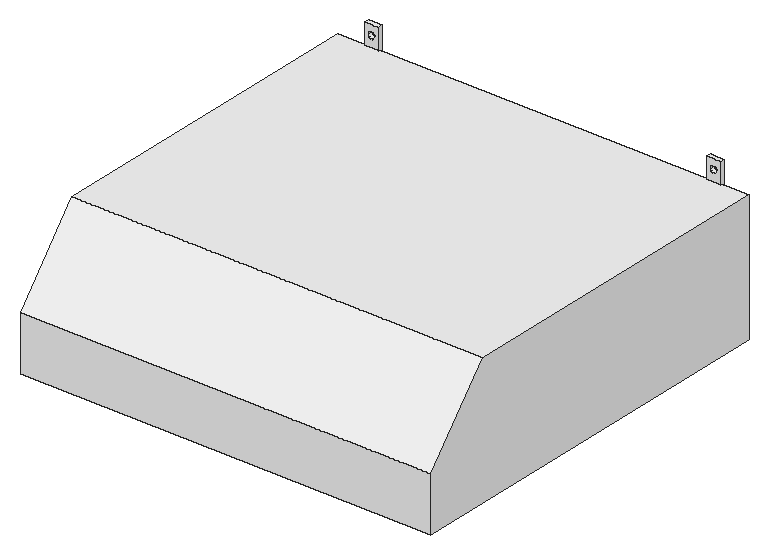
Revit family "v-36_375k7_50Hz - コピー_&", category 機械設備, Revit 2019
Family settings
  丸型コネクタ寸法 = 直径を使用
  パーツ タイプ = 標準
  OmniClass 番号 = 23.75.35.17.27
  OmniClass タイトル = Centrifugal Fans
  作業面ベース = いいえ
  常に垂直 = はい
  ロード時にボイドで切り取り = いいえ
  共有 = いいえ
  部屋計算ポイント = いいえ
Parameters (values of type "V-36K6-BL-L")
  騒音レベル(dB(A)) = 45.5
  風量 = 495.0 m³/h
  電源種別 [instance] = ""
  電圧 = 100 V
  電動機出力 = 0 W
  電動機_種別 = ""
  集中コントローラ = ""
  運転質量 = 0.00 kg
  連動 [instance] = ""
  質量 = if(製品質量 > 運転質量, 製品質量, 運転質量) * 1.2  # 18.00 kg
  負荷分類 = 3_ファン類
  説明 = "レンジフードファン 浅形 高静圧・丸排気タイプ"
  設計風量 = 0.0 m³/h
  設置方法 = "天吊"
  記号 [instance] = ""
  製造元 = "三菱電機株式会社"
  製品質量 = 15.00 kg
  製品出荷対象 = "国内"
  製品リリース年月 = "2022年6月1日"
  製品グループ = ""
  系統 [instance] = ""
  符号 = if(☑給気／□排気, "FS", "FE")  # "FE"
  積算_科目 = "2 換気設備"
  積算_拾い区分 [instance] = ""
  相 = 1
  盤記号 [instance] = ""
  発停方法 [instance] = ""
  特殊仕様 [instance] = ""
  火災停止 [instance] = ""
  消費電力 = 125 W
  法定耐用年数 = "15"
  機外静圧_排気 = 210.0 Pa
  機外静圧 = 0.0 Pa
  極数 = 2
  材質 [instance] = ""
  操作・制御方式 = ""
  操作・制御スイッチ = ""
  排気量 = 0.0 m³/h
  形式 = "片吸込形"
  幹線記号 [instance] = ""
  対象室 [instance] = ""
  実風量 = 0.0 m³/h
  始動方式 [instance] = "直入"
  天吊用穴_D = 300 mm
  天吊用穴_ピッチ = 520 mm
  外気量 = 0.0 m³/h
  呼称 = "遠心送風機"
  周波数 = 60 Hz
  取付金具_穴位置 = 16 mm
  取付金具_径 = 10 mm
  取付金具_ピッチ = 500 mm
  取付金具_H = 30 mm
  取付金具_Depth = 6 mm
  参照している仕様書等のバージョン = ""
  分類コード = "50052503100060"
  分類グループ = ""
  価格 = 87500
  企業コード = "108420"
  付属品_フィルター_還気 = ""
  付属品_フィルター = ""
  付属品 [instance] = ""
  仕様書バージョン = "Version1.0"
  モデル = "V-36K6-BL-L"
  マテリアル = 鋼板(白)
  ファンの種類 = ""
  ダクト径 = 150 mm
  コメント [instance] = ""
  Keynote = ""
  Assembly Code = ""
  ☑給気／□排気 = no
  Width = 600 mm
  W1 = Width / 2  # 300 mm
  Version = ""
  Uniclass2015Version = "Systems v1.9"
  Uniclass2015Title = "Centrifugal fans"
  Uniclass2015Code = "Pr_65_67_29_12"
  URL = "https://www.mitsubishielectric.co.jp/ldg/wink/ssl/displayProduct.do?pid=320846"
  SpecificationReference = ""
  SpecificationDescription = ""
  Revision = ""
  ProductInformation = ""
  OmniClassCode = "23-33 31 19 13 15"
  MIN風量 = 175.0 m³/h
  MIN静圧 = 0.0 Pa
  MID風量 = 295.0 m³/h
  MID静圧 = 0.0 Pa
  MAX風量 = 495.0 m³/h
  MAX静圧 = 0.0 Pa
  IfcTypeProduct = ""
  IfcProduct = ""
  IfcExportType = "CENTRIFUGALFORWARDCURVED"
  IfcExportAs = "IfcFanType"
  Height = 190 mm
  H1 = 110 mm
  EAサイズ_D = 148 mm
  Duct_Pitch = 350 mm
  Duct_Height = 54 mm
  Duct_D = 125 mm
  Depth = 580 mm
  D1 = 95 mm
  Clearance Top = 0 mm
  Clearance Right = 0 mm
  Clearance Left = 0 mm
  Clearance Front = 0 mm
  Clearance Bottom = 0 mm
  Clearance Back = 0 mm
  Author = "三菱電機株式会社"
Types (4, lengths in mm): name | 騒音レベル(dB(A)) | 質量 | 製品質量 | 消費電力 | 価格 | モデル | マテリアル | Width | W1 | URL | MIN風量 | MID風量
  V-36K6-BL-L | 45.5 | 18.00 kg | 15.00 kg | 125 W | 87500 | "V-36K6-BL-L" | 鋼板(白) | 600 | 300 | "https://www.mitsubishielectric.co.jp/ldg/wink/ssl/displayProduct.do?pid=320846" | 175.0 m³/h | 295.0 m³/h
  V-36K6-BL-L-BK | 45.5 | 18.00 kg | 15.00 kg | 125 W | 87500 | "V-36K6-BL-L-BK" | 鋼板(黒) | 600 | 300 | "https://www.mitsubishielectric.co.jp/ldg/wink/ssl/displayProduct.do?pid=320847" | 175.0 m³/h | 295.0 m³/h
  V-37KCP6-L | 46.5 | 19.20 kg | 16.00 kg | 115 W | 97400 | "V-37KCP6-L" | 鋼板(白) | 700 | 350 | "https://www.mitsubishielectric.co.jp/ldg/wink/ssl/displayProduct.do?pid=320852" | 185.0 m³/h | 300.0 m³/h
  V-37KCP6-L-BK | 46.5 | 19.20 kg | 16.00 kg | 115 W | 97400 | "V-37KCP6-L-BK" | 鋼板(黒) | 700 | 350 | "https://www.mitsubishielectric.co.jp/ldg/wink/ssl/displayProduct.do?pid=320853" | 185.0 m³/h | 300.0 m³/h
Reference planes
  plane 1 "中心(正面/背面)": y = 0
  plane 2: z = 0
  plane 3 "中心(左/右)": x = 0
  plane 4: x = -300
  plane 5: x = 300
  plane 6: y = -580
  plane 7: z = -190
  plane 8: z = -110
  plane 9: z = 54
  plane 10: y = -290
  plane 11: y = -485
  plane 12: x = -175
  plane 13: x = 175
  plane 14: y = -125
  plane 15: x = -260
  plane 16: x = 260
  plane 17: y = -300
  plane 18: x = -150
  plane 19: x = 150
  plane 20: z = 30
  plane 21: z = 16
  plane 22: x = -250
  plane 23: x = -260
  plane 24: x = -240
  plane 25: x = 250
  plane 26: x = 260
  plane 27: x = 240
  plane 28: y = 6
Forms (mm)
  Extrusion 1, solid, material "鋼板(白)" <- "マテリアル", detail levels fine
    sketch origin (0, 0, 0) x (1, 0, 0) y (0, 1, 0)
      loop
        line (-300, 0) -> (-300, -485) -> (300, -485) -> (300, 0) -> (-300, 0)
    from -190 to 0
  Blend 2, solid, material "鋼板(白)" <- "マテリアル", detail levels fine
    base sketch origin (0, 0, 0) x (1, 0, 0) y (0, 0, 1)
      loop
        line (-300, -190) -> (300, -190) -> (300, 0) -> (-300, 0) -> (-300, -190)
    top sketch origin (0, 0, 0) x (1, 0, 0) y (0, 0, 1)
      loop
        line (-300, -190) -> (300, -190) -> (300, -110) -> (-300, -110) -> (-300, -190)
    from 485 to 580
  Extrusion 3, solid, material "鋼板(白)" <- "マテリアル", not visible, detail levels fine
    sketch origin (0, 0, 0) x (1, 0, 0) y (0, 1, 0)
      loop
        circle (-175, -125) r 74
    from 0 to 54
  Extrusion 4, solid, material "鋼板(白)" <- "マテリアル"
    sketch origin (0, 0, 0) x (1, 0, 0) y (0, 0, 1)
      loop
        line (-260, 30) -> (-260, -190) -> (-240, -190) -> (-240, 30) -> (-260, 30)
      loop
        line (240, 30) -> (240, -190) -> (260, -190) -> (260, 30) -> (240, 30)
      loop
        circle (250, 16) r 5
      loop
        circle (-250, 16) r 5
    from -6 to 0
Cuts and joins
  joined: Extrusion 1, Blend 2
Lines and regions (mm)
  Masking region 1, detail levels coarse+medium
    outline origin (1326.5, 29, 0) x (1, 0, 0) y (0, 1, 0)
      loop
        line (-1626.5, -29) -> (-1626.5, -609) -> (-1026.5, -609) -> (-1026.5, -29) -> (-1626.5, -29)
  symbolic lines, detail levels coarse+medium
    curve 1: circle (-150, -290, 0) r 150 normal (0, 0, 1)
    curve 2: circle (150, -290, 0) r 150 normal (0, 0, 1)
Dimensions and locks
  equal spacing: plane 4, plane 3 "中心(左/右)", plane 5
  "Width": plane 4 to plane 5
  equal spacing: plane 6, plane 10, plane 1 "中心(正面/背面)"
  "Depth": plane 1 "中心(正面/背面)" to plane 6
  equal spacing: plane 12, plane 3 "中心(左/右)", plane 13
  "Duct_Pitch": plane 12 to plane 13
  "Duct_D": plane 1 "中心(正面/背面)" to plane 14
  "Height": level to plane 7
  "Duct_Height": plane 9 to level
  equal spacing: plane 15, plane 3 "中心(左/右)", plane 16
  "天吊用穴_ピッチ": plane 15 to plane 16
  "天吊用穴_D": plane 1 "中心(正面/背面)" to plane 17
  equal spacing: plane 4, plane 18, plane 3 "中心(左/右)"
  equal spacing: plane 3 "中心(左/右)", plane 19, plane 5
  "D1": plane 11 to plane 6
  "H1": level to plane 8
  "取付金具_H": plane 20 to level
  "取付金具_穴位置": plane 21 to level
  equal spacing: plane 24, plane 22, plane 23
  locked: plane 24 to plane 23 at 20
  equal spacing: plane 27, plane 25, plane 26
  locked: plane 27 to plane 26 at 20
  equal spacing: plane 25, plane 3 "中心(左/右)", plane 22
  "取付金具_ピッチ": plane 25 to plane 22
  "取付金具_Depth": plane 28 to plane 1 "中心(正面/背面)"
  "EAサイズ_D": diameter of Extrusion 3 sketch curve
  "W1": diameter of curve 1
  "W1": diameter of curve 2
  "取付金具_径": diameter of Extrusion 4 sketch curve  (x2)
  aligned and locked: level to plane 2
  aligned and locked: Masking region 1 to plane 4
  aligned and locked: plane 5 to Masking region 1
  aligned and locked: Masking region 1 to plane 6
  aligned and locked: Masking region 1 to plane 1 "中心(正面/背面)"
  aligned and locked: plane 1 "中心(正面/背面)" to Extrusion 1 sketch curve
  aligned and locked: plane 4 to Extrusion 1 sketch curve
  aligned and locked: plane 11 to Extrusion 1 sketch curve
  aligned and locked: Extrusion 1 sketch curve to plane 5
  aligned and locked: Blend 2 sketch curve to plane 7  (x2)
  aligned and locked: level to Blend 2 sketch curve
  aligned and locked: plane 5 to Blend 2 sketch curve
  aligned and locked: Blend 2 sketch curve to plane 4
  aligned and locked: var sketch to Blend 2 sketch curve
  aligned and locked: Extrusion 1 to plane 7
  aligned and locked: level to Extrusion 1
  aligned and locked: Blend 2 to plane 6
  aligned and locked: plane 11 to Blend 2
  aligned and locked: plane 9 to Extrusion 3
  aligned and locked: Extrusion 3 to level
  aligned and locked: plane 8 to Blend 2 sketch curve
  aligned and locked: nested 1 to plane 17
  aligned and locked: plane 15 to nested 1
  aligned and locked: plane 16 to nested 1
  aligned and locked: Extrusion 4 sketch curve to plane 20  (x2)
  aligned and locked: plane 23 to Extrusion 4 sketch curve
  aligned and locked: plane 24 to Extrusion 4 sketch curve
  aligned and locked: plane 7 to Extrusion 4 sketch curve  (x2)
  aligned and locked: plane 27 to Extrusion 4 sketch curve
  aligned and locked: plane 26 to Extrusion 4 sketch curve
  aligned and locked: plane 28 to Extrusion 4
  aligned and locked: plane 1 "中心(正面/背面)" to Extrusion 4
Automatic sketch dimensions
  Extrusion 3 sketch curve to plane 12 = 0 mm
  Extrusion 3 sketch curve to plane 14 = 0 mm
  curve 1 to plane 10 = 0 mm
  curve 1 to plane 18 = 0 mm
  curve 2 to plane 10 = 0 mm
  curve 2 to plane 19 = 0 mm
  Masking region 1 sketch curve to plane 4 = 0 mm
  Masking region 1 sketch curve to plane 5 = 0 mm
  Masking region 1 sketch curve to plane 6 = 0 mm
  plane 1 "中心(正面/背面)" to Masking region 1 sketch curve = 0 mm
  Blend 2 sketch curve to plane 4 = 0 mm
  Extrusion 4 sketch curve to plane 21 = 0 mm  (x2)
  Extrusion 4 sketch curve to plane 22 = 0 mm
  plane 25 to Extrusion 4 sketch curve = 0 mm
Nested families
  nested 1: "固定点" at (-260, -300, 0), type "固定点"
    with W 520 mm, D 1000 mm
Connectors
  hvac at (-175, -125, 54), driven by "ダクト径", driven by "機外静圧", driven by "風量"
    settings: on Extrusion 3, index 2, duct flow 495.0 m³/h, flow factor 0, pres drop 0.0 Pa, loss coef 0, conn angle 0.00°, conn width 304.8 mm, conn height 304.8 mm, conn diameter 150 mm, duct sys type 3, conn prof type 0, flow config 0, flow direction 2, loss method 4, conn ref index -1, conn util no, is conn primary yes, conn desc ""
  electrical at (0, -242.5, 0), driven by "極数", driven by "負荷分類", driven by "電圧", driven by "消費電力"
    settings: on cut or joined group of Extrusion 1, Blend 2, index 3, voltage 100 V, apparent load 125 VA, apparent load phase1 0 VA, apparent load phase2 0 VA, apparent load phase3 0 VA, power factor 1, load classification "3_ファン類", number of poles 2, system type 30, power factor state 1, is connector primary yes, connector utility no, sub classification motor no, connector description ""
Definition of nested family "固定点"
  Parameters (values of type "固定点")
    中心円 = 20 mm
    W [instance] = 1000 mm
    D [instance] = 1000 mm
  Reference planes
    plane 1 "中心(正面/背面)": y = 0
    plane 2: z = 0
    plane 3 "中心(左/右)": x = 0
    plane 4: x = 1000
  Lines and regions (mm)
    symbolic lines, detail levels fine
      curve 1: circle (0, 0, 0) r 10 normal (0, 0, 1)
      curve 2: circle (1000, 0, 0) r 10 normal (0, 0, 1)
      curve 3: line (-200, 0, 0) -> (1200, 0, 0)
      curve 4: line (0, 200, 0) -> (0, -200, 0)
      curve 5: line (1000, 200, 0) -> (1000, -200, 0)
  Dimensions and locks
    "W": plane 3 "中心(左/右)" to plane 4
    "中心円": diameter of curve 1
    "中心円": diameter of curve 2
    aligned and locked: level to plane 2
    aligned and locked: plane 3 "中心(左/右)" to curve 1
    aligned and locked: plane 1 "中心(正面/背面)" to curve 1
    aligned and locked: plane 1 "中心(正面/背面)" to curve 2
    aligned and locked: plane 4 to curve 2
    aligned and locked: plane 1 "中心(正面/背面)" to curve 3
    aligned and locked: curve 4 to plane 3 "中心(左/右)"
    aligned and locked: curve 5 to plane 4
  Automatic sketch dimensions
    curve 3 to plane 3 "中心(左/右)" = 200 mm
    curve 2 to curve 3 = 200 mm
    plane 1 "中心(正面/背面)" to curve 4 = 200 mm
    plane 1 "中心(正面/背面)" to curve 5 = 200 mm
    curve 5 to plane 1 "中心(正面/背面)" = 200 mm
    curve 4 to plane 1 "中心(正面/背面)" = 200 mm
